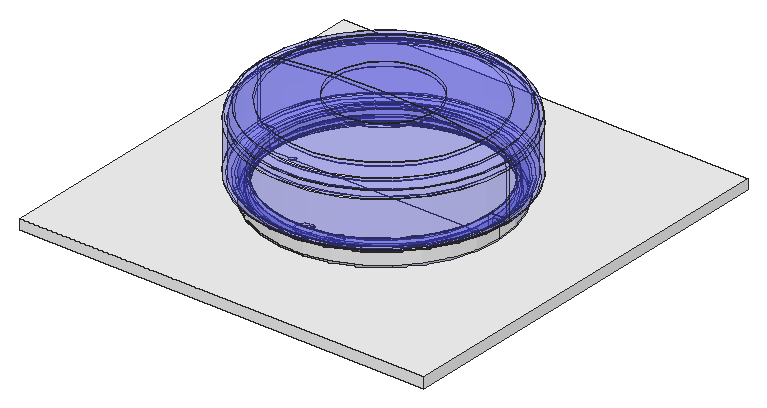
Revit family "BE_50039P_de_DE", category Leuchten, Revit 2020
Family settings
  Basisbauteil = Fläche
  Bemaßung runder Anschluss = Durchmesser verwenden
  Teiletyp = Normal
  Beim Laden mit Abzugskörper schneiden = Ja
  Lichtquelle = Ja
  Gemeinsam genutzt = Nein
  Raumberechnungspunkt = Ja
Parameters (values of type "BEGA_50039P_K3")
  built-in parameter 1150104 = 11.557 (stored number, unit not read)
  Wattage = 8.4 W
  Default Elevation = 0 mm
  built-in parameter 1150113 = 1 (stored number, unit not read)
  built-in parameter 1114218 = 1 (stored number, unit not read)
  Umgebungstemperatur = "25 °C"
  URL = "https://www.bega.com/de/produkt/50039P"
  Typenkommentare = "© 2022 BEGA. Wir behalten uns das Recht vor, technische Änderungen ohne vorherige Ankündigung vorzunehmen."  # constant formula
  built-in parameter 1150134 = (empty or 0)
  built-in parameter 1150109 = 1 (stored number, unit not read)
  Strom = ""
  built-in parameter 1150110 = 1 (stored number, unit not read)
  Spannung = 230 V
  Sonderanfertigung = no
  Seriennummer [instance] = "Hier können Sie die eindeutige Seriennummer für das Facility Management eintragen."
  Schutzklasse = "I"
  Schutzart = "IP 20"
  Scheinlast = 0 VA
  Produktdatenblatt = "http://www.bega.de/download/Xrfa/db/50039P.db.de.pdf"
  Oberflächentemperatur = ""
  Neigungswinkel = 0.00°
  Model = "50039PK2"
  Material_17 = BEGA_Reflektor
  Material_15 = BEGA_Leuchtmedium_matt
  Material_14 = BEGA_Kunststoff_opal
  Material_11 = BEGA_Glas_opal
  Material_09 = BEGA_Glas_klar
  Material_06 = BEGA_Oberfläche_Edelstahl_gebürstet
  Material_03 = BEGA_Oberfläche_Weiss_matt
  Material_02 = BEGA_Oberfläche_Silber_matt
  Material_01 [instance] = BEGA_Oberfläche_Grafit_matt
  M_W = no
  M_G = no
  M_A = no
  Logo = 0
  built-in parameter 1114217 = 1 (stored number, unit not read)
  built-in parameter 1150139 = (empty or 0)
  built-in parameter 1150105 = 246.97 (stored number, unit not read)
  built-in parameter 1150114 = 1 (stored number, unit not read)
  Lumens = 1044.96 lm
  built-in parameter 1150115 = 1 (stored number, unit not read)
  Leuchtenlichtstrom = "853 lm"
  Leuchtenanzahl = ""
  Lebensdauerkriterien = "L70B50 @ 25 °C = 206000 h"
  Lastklassifizierung = Beleuchtung
  built-in parameter 1150112 = 1 (stored number, unit not read)
  Lampenlichtstrom = "1045 lm"
  Lampe = "LED 8.4 W"
  LED_Modulbezeichnung = "LED-0508/927"
  Hersteller = "BEGA"  # constant formula
  Halbstreuwinkel = ""
  Gewicht = ""
  Gebrauchslageneinschränkung [instance] = ""
  Frequenz = "50 Hz"
  Farbwiedergabeindex = "CRI > 90"
  Farbtemperaturverschiebung bei Dämpfen der Lampe = <Keine Auswahl>
  Farbtemperatur = "2700 K"
  Color Filter = 16777215
  built-in parameter 1150133 = 10 (stored number, unit not read)
  Energieeffizienzklasse = "LED A++ - A"
  built-in parameter 1150137 = (empty or 0)
  built-in parameter 1150132 = (empty or 0)
  ENEC = ""
  Dimmbar [instance] = ""
  Photometric Web File = "BE_50039PK2.IES"
  CE_Konformität = "ja"
  Bestellnummer = "50039PK2"
  Beschreibung_Sonderanfertigung = "Hier können Sie Informationen zur Sonderanfertigung eintragen."
  Beschreibung = "Decken- und Wandleuchte"
  built-in parameter 1150106 = 2.4697 (stored number, unit not read)
  Befestigungsbohrung = "Ø 5,5 mm"
  Befestigungsabstand = "180 mm"
  Ballwurfsicher = ""
  BEGA_Intern_aus = yes
  BEGA_Intern_an = yes
  BEGA_Intern_Konstruktion = yes
  BEGA_Intern = yes
  BEGA_IES = yes
  BEGA_Dummy = no
  Anschlussleitung = ""
  Anschlussleistung [instance] = "11.5 W"
  Anschlusskasten = ""
  built-in parameter 1150107 = 2700 (stored number, unit not read)
  built-in parameter 1150102 = (empty or 0)
  built-in parameter 1150138 = (empty or 0)
  Aktualisierung = "2020-05-11T04:00:10"
  Abstand_zur_angestrahlten_Fläche [instance] = ""
  AC/DC = "AC"
Types (3, lengths in mm): name | built-in parameter 1150104 | built-in parameter 1150134 | Model | built-in parameter 1150105 | Lumens | Leuchtenlichtstrom | Lampenlichtstrom | LED_Modulbezeichnung | Farbtemperatur | Photometric Web File | Bestellnummer | built-in parameter 1150106 | built-in parameter 1150107
  BEGA_50039P_K3 | 11.669 (stored number, unit not read) | (empty or 0) | "50039PK3" | 249.44 (stored number, unit not read) | 1055.04 lm | "862 lm" | "2215 lm" | "LED-0508/930" | "3000 K" | "BE_50039PK3.IES" | "50039PK3" | 2.4944 (stored number, unit not read) | 3000 (stored number, unit not read)
  BEGA_50039P_K4 | 12.105 (stored number, unit not read) | 12 | "50039PK4" | 87.099 (stored number, unit not read) | 1094.52 lm | "894 lm" | "1095 lm" | "LED-0508/940" | "4000 K" | "BE_50039PK4.IES" | "50039PK4" | 0.87099 (stored number, unit not read) | 4000 (stored number, unit not read)
  BEGA_50039P_K27 | 12.105 (stored number, unit not read) | 12 | "50039PK27" | 87.099 (stored number, unit not read) | 1094.52 lm | "853 lm" | "1045 lm" | "LED-0508/927" | "2700 K" | "BE_50039PK27.IES" | "50039PK27" | 0.87099 (stored number, unit not read) | 4000 (stored number, unit not read)
Reference planes
  plane 1 "Mitte (Vorne/Hinten)": y = 0
  plane 2: z = 0
  plane 3 "Mitte (Links/Rechts)": x = 0
  plane 4 "Links": x = -125
  plane 5 "Rechts": x = 125
  plane 6 "Unten": y = -125
  plane 7 "Oben": y = 125
  plane 8 "Vorne": z = 94.4
  plane 9 "Hinten": z = 0
Forms (mm)
  Extrusion 1, solid, material "BEGA_Platte_Weiss"
    sketch origin (0, -1119.2, 0) x (1, 0, 0) y (0, 1, 0)
      loop
        line (-200, 1319.2) -> (-200, 919.2) -> (200, 919.2) -> (200, 1319.2) -> (-200, 1319.2)
    from 0 to -10
  Extrusion 2, solid, material "BEGA_Dummy_matt", visible <- "BEGA_Dummy"
    sketch origin (77.149, -76.023, 0) x (1, 0, 0) y (0, 1, 0)
      loop
        circle (-77.149, 76.023) r 125
    from 0 to 94.4
Dimensions and locks
  plane 1 "Mitte (Vorne/Hinten)" to Extrusion 1 = 200 mm
  aligned and locked: plane 2 to Extrusion 1
  aligned and locked: level to Extrusion 1
Nested families
  nested 1: "BE_50039P" at (0, 0, 0) x (0, -1, 0) z (0, 0, 1), type "BE_50039P"
Connectors
  electrical at (0, 0, 0), driven by "Lastklassifizierung", driven by "Spannung", driven by "Scheinlast"
    settings: index 1, voltage 230 V, apparent load 0 VA, apparent load phase1 0 VA, apparent load phase2 0 VA, apparent load phase3 0 VA, power factor 1, load classification "Beleuchtung", number of poles 1, system type 31, power factor state 1, is connector primary yes, connector utility no, sub classification motor no, connector description ""
Definition of nested family "BE_50039P"
  Parameters (values of type "BE_50039P")
    Default Elevation = 1 mm
    URL = "http://www.bega.de/de/produkt"
    Type Comments = "© 2015 BEGA. Wir behalten uns das Recht vor, technische Änderungen ohne vorherige Ankündigung vorzunehmen. "  # constant formula
    Type Image = (empty or 0)
    Neigungswinkel_um_Z2 = 0.00°
    Neigungswinkel_um_Z1 = 0.00°
    Neigungswinkel_um_Y2 = 0.00°
    Neigungswinkel_um_Y1 = 0.00°
    Neigungswinkel_um_X2 = 0.00°
    Neigungswinkel_um_X1 = 0.00°
    Material_17 = none
    Material_15 = none
    Material_14 = none
    Material_11 = none
    Material_09 = none
    Material_06 = none
    Material_05 = none
    Material_03 = none
    Material_02 = none
    Material_01 = none
    M_W = yes
    M_G = yes
    M_A = yes
    Länge_Platte = 400 mm  # constant formula
    Höhe_Platte = -10 mm  # constant formula
    Manufacturer = "BEGA"  # constant formula
    Drehwinkel_um_Z2 = 0.00°
    Drehwinkel_um_Z1 = 0.00°
    Breite_Platte = 400 mm  # constant formula
  Reference planes
    plane 1 "Mitte (Oben/Unten)": y = 0
    plane 2: z = 0
    plane 3 "Mitte (Links/Rechts)": x = 0
    plane 4: y = 125
    plane 5: y = -125
    plane 6: z = 94.4
    plane 7: x = -125
    plane 8: x = 125
  Forms (mm)
    Extrusion 1, solid, detail levels medium
      sketch origin (0, 0, 0) x (1, 0, 0) y (0, 1, 0)
        loop
          line (-200, 200) -> (-200, -200) -> (200, -200) -> (200, 200) -> (-200, 200)
      from 0 to -10 <- "Höhe_Platte"
    Revolve 2, solid, material <- "Material_03", detail levels medium+fine
      sketch origin (0, 0, 0) x (0, 1, 0) y (0, 0, 1)
        loop
          line (117.5, 19.8) -> (117.5, 20.8) -> (115.331, 20.8)
          arc (115.331, 20.8) -> (114.063, 20.284) -> (113.524, 19.025) r 1.8
          line (113.524, 19.025) -> (113.276, 4.767)
          arc (113.276, 4.767) -> (112.825, 3.728) -> (111.776, 3.3) r 1.5
          line (111.776, 3.3) -> (0, 3.3) -> (0, 2.3) -> (111.776, 2.3)
          arc (111.776, 2.3) -> (113.525, 3.014) -> (114.275, 4.748) r 2.5
          line (114.275, 4.748) -> (114.524, 19.01)
          arc (114.524, 19.01) -> (114.764, 19.571) -> (115.329, 19.8) r 0.8
          line (115.329, 19.8) -> (117.5, 19.8)
        axis (0, 2.3) -> (0, 20.8)
      angle from 0 to 360
    Revolve 3, solid, material <- "Material_03", detail levels medium+fine
      sketch origin (0, 0, 0) x (0, 1, 0) y (0, 0, 1)
        loop
          arc (99.13, 1.943) -> (99.474, 2.206) -> (99.896, 2.3) r 1
          line (99.896, 2.3) -> (100.896, 3.3) -> (92.75, 3.3) -> (92.75, 0) -> (96.108, 0)
          arc (96.108, 0) -> (97.369, 0.281) -> (98.395, 1.067) r 3
          line (98.395, 1.067) -> (99.13, 1.943)
        axis (90, 3.3) -> (90, 0)
      angle from 0 to 360
    Revolve 4, solid, material <- "Material_03", detail levels medium+fine
      sketch origin (0, 0, 0) x (0, -1, 0) y (0, 0, 1)
        loop
          arc (99.13, 1.943) -> (99.474, 2.206) -> (99.896, 2.3) r 1
          line (99.896, 2.3) -> (100.896, 3.3) -> (92.75, 3.3) -> (92.75, 0) -> (96.108, 0)
          arc (96.108, 0) -> (97.369, 0.281) -> (98.395, 1.067) r 3
          line (98.395, 1.067) -> (99.13, 1.943)
        axis (90, 3.3) -> (90, 0)
      angle from 0 to 360
    Extrusion 5, void
      sketch origin (0, 0, 0) x (1, 0, 0) y (0, 1, 0)
        loop
          circle (80, 15) r 8.5
        loop
          circle (80, -15) r 8.5
        loop
          circle (0, 90) r 2.75
        loop
          circle (0, -90) r 2.75
      from 1.096 to 7.205
    Revolve 6, solid, material <- "Material_14", detail levels medium+fine
      sketch origin (0, 0, 0) x (0, 1, 0) y (0, 0, 1)
        loop
          line (107.5, 12.214) -> (107.5, 20.4) -> (122.157, 21.168)
          arc (122.157, 21.168) -> (124.176, 22.099) -> (125, 24.164) r 3
          line (125, 24.164) -> (125, 69.391)
          arc (125, 69.391) -> (124.681, 72.948) -> (123.735, 76.391) r 20
          arc (123.735, 76.391) -> (121.144, 80.63) -> (117.158, 83.582) r 13
          arc (117.158, 83.582) -> (109.272, 86.676) -> (101.03, 88.629) r 60
          arc (101.03, 88.629) -> (75.117, 91.988) -> (49.04, 93.648) r 400
          arc (49.04, 93.648) -> (24.523, 94.212) -> (0, 94.4) r 1600.011
          line (0, 94.4) -> (0, 90.6)
          arc (0, 90.6) -> (24.398, 90.414) -> (48.79, 89.854) r 1596.211
          arc (48.79, 89.854) -> (74.692, 88.212) -> (100.431, 84.877) r 396.2
          arc (100.431, 84.877) -> (108.139, 83.049) -> (115.512, 80.156) r 56.2
          arc (115.512, 80.156) -> (118.33, 78.076) -> (120.166, 75.094) r 9.2
          arc (120.166, 75.094) -> (120.94, 72.293) -> (121.2, 69.4) r 16.2
          line (121.2, 69.4) -> (121.2, 24.923) -> (106.543, 24.155)
          arc (106.543, 24.155) -> (104.524, 23.224) -> (103.7, 21.159) r 3
          line (103.7, 21.159) -> (103.7, 16.4) -> (103.7, 11.174)
          arc (103.7, 11.174) -> (104.099, 9.678) -> (105.19, 8.579) r 3.003
          line (105.19, 8.579) -> (106.963, 7.556)
          arc (106.963, 7.556) -> (108.068, 6.43) -> (108.449, 4.9) r 3.003
          line (108.449, 4.9) -> (112.25, 4.9) -> (112.25, 8.894) -> (107.997, 11.349)
          arc (107.997, 11.349) -> (107.633, 11.715) -> (107.5, 12.214) r 1.001
        axis (0, 94.4) -> (0, 4.9)
      angle from 0 to 360
  Cuts and joins
    Extrusion 5 cuts Revolve 2
    Extrusion 5 cuts Revolve 3
    Extrusion 5 cuts Revolve 4
    joined: Revolve 2, Revolve 3, Revolve 4
  Dimensions and locks
    equal spacing: Extrusion 1 sketch curve, plane 3 "Mitte (Links/Rechts)", Extrusion 1 sketch curve
    equal spacing: Extrusion 1 sketch curve, plane 1 "Mitte (Oben/Unten)", Extrusion 1 sketch curve
    "Länge_Platte": Extrusion 1 sketch curve to Extrusion 1 sketch curve
    "Breite_Platte": Extrusion 1 sketch curve to Extrusion 1 sketch curve
    aligned and locked: plane 2 to Extrusion 1
    aligned and locked: level to Extrusion 1
  Automatic sketch dimensions
    Revolve 2 sketch curve to Revolve 2 sketch curve = 0 mm  (x11)
    Revolve 2 sketch curve to plane 1 "Mitte (Oben/Unten)" = 0 mm  (x2)
    Revolve 2 sketch curve to Revolve 2 sketch curve = 1.5 mm
    Revolve 2 sketch curve to Revolve 2 sketch curve = 1 mm  (x3)
    Revolve 2 sketch curve to Revolve 2 sketch curve = 0.8 mm
    Revolve 2 sketch curve to Revolve 2 sketch curve = 0.004 mm
    Revolve 2 sketch curve to Revolve 2 sketch curve = 0.002 mm
    Revolve 2 sketch curve to Revolve 2 sketch curve = 2.169 mm
    level to Revolve 2 sketch curve = 2.3 mm
    Revolve 2 sketch curve to Revolve 2 sketch curve = 1.448 mm
    Revolve 2 sketch curve to Revolve 2 sketch curve = 0.02 mm
    Revolve 2 sketch curve to Revolve 2 sketch curve = 0.033 mm
    Revolve 2 sketch curve to Revolve 2 sketch curve = 14.252 mm
    Revolve 2 sketch curve to Revolve 2 sketch curve = 0.01 mm
    Revolve 2 sketch curve to Revolve 2 sketch curve = 0.015 mm
    Revolve 2 sketch curve to Revolve 2 sketch curve = 4 mm
    Revolve 3 sketch curve to level = 0 mm
    level to Revolve 3 sketch curve = 3.3 mm
    Revolve 3 sketch curve to Revolve 3 sketch curve = 3.351 mm
    Revolve 3 sketch curve to Revolve 3 sketch curve = 0.007 mm
    level to Revolve 3 sketch curve = 1.067 mm
    Revolve 3 sketch curve to Revolve 3 sketch curve = 2.287 mm
    level to Revolve 3 sketch curve = 2.3 mm
    Revolve 3 sketch curve to Revolve 3 sketch curve = 1.501 mm
    Revolve 3 sketch curve to Revolve 3 sketch curve = 0 mm  (x2)
    Revolve 3 sketch curve to Revolve 3 sketch curve = 1 mm  (x2)
    Revolve 3 sketch curve to Revolve 3 sketch curve = 2.75 mm
    level to Revolve 3 sketch curve = 1.943 mm
    Revolve 3 sketch curve to Revolve 3 sketch curve = 0.766 mm
    Revolve 3 sketch curve to level = 2.001 mm
    Revolve 3 sketch curve to Revolve 3 sketch curve = 2 mm
    Revolve 4 sketch curve to level = 0 mm
    Revolve 4 sketch curve to level = 3.3 mm
    Revolve 4 sketch curve to Revolve 4 sketch curve = 3.351 mm
    Revolve 4 sketch curve to Revolve 4 sketch curve = 0.007 mm
    Revolve 4 sketch curve to level = 1.067 mm
    Revolve 4 sketch curve to Revolve 4 sketch curve = 2.287 mm
    Revolve 4 sketch curve to level = 2.3 mm
    Revolve 4 sketch curve to Revolve 4 sketch curve = 1.501 mm
    Revolve 4 sketch curve to Revolve 4 sketch curve = 0 mm  (x2)
    Revolve 4 sketch curve to Revolve 4 sketch curve = 1 mm  (x2)
    Revolve 4 sketch curve to Revolve 4 sketch curve = 2.75 mm
    Revolve 4 sketch curve to level = 1.943 mm
    Revolve 4 sketch curve to Revolve 4 sketch curve = 0.766 mm
    level to Revolve 4 sketch curve = 2.001 mm
    Revolve 4 sketch curve to Revolve 4 sketch curve = 2 mm
    Revolve 6 sketch curve to Revolve 6 sketch curve = 1.49 mm
    Revolve 6 sketch curve to Revolve 6 sketch curve = 0.257 mm
    Revolve 6 sketch curve to Revolve 6 sketch curve = 1.513 mm
    level to Revolve 6 sketch curve = 7.556 mm
    Revolve 6 sketch curve to Revolve 6 sketch curve = 1.773 mm
    Revolve 6 sketch curve to Revolve 6 sketch curve = 3.8 mm  (x2)
    Revolve 6 sketch curve to Revolve 6 sketch curve = 0.497 mm
    Revolve 6 sketch curve to Revolve 6 sketch curve = 3.002 mm
    Revolve 6 sketch curve to Revolve 6 sketch curve = 0.504 mm
    Revolve 6 sketch curve to Revolve 6 sketch curve = 3.801 mm
    Revolve 6 sketch curve to Revolve 6 sketch curve = 2.592 mm
    Revolve 6 sketch curve to Revolve 6 sketch curve = 1.024 mm
    Revolve 6 sketch curve to Revolve 6 sketch curve = 3.994 mm
    Revolve 6 sketch curve to Revolve 6 sketch curve = 2.594 mm
    Revolve 6 sketch curve to Revolve 6 sketch curve = 0.176 mm
    Revolve 6 sketch curve to Revolve 6 sketch curve = 0.865 mm
    Revolve 6 sketch curve to Revolve 6 sketch curve = 4.186 mm
    Revolve 6 sketch curve to Revolve 6 sketch curve = 0 mm  (x24)
    Revolve 6 sketch curve to Revolve 6 sketch curve = 4.759 mm
    level to Revolve 6 sketch curve = 40.4 mm
    Revolve 2 sketch curve to plane 1 "Mitte (Oben/Unten)" = 111.776 mm
    Revolve 2 sketch curve to Revolve 2 sketch curve = 0.249 mm
    Revolve 3 sketch curve to plane 1 "Mitte (Oben/Unten)" = 92.75 mm
    Revolve 4 sketch curve to plane 1 "Mitte (Oben/Unten)" = 92.75 mm
    Extrusion 5 sketch curve to plane 3 "Mitte (Links/Rechts)" = 0 mm  (x2)
    plane 1 "Mitte (Oben/Unten)" to Extrusion 5 sketch curve = 15 mm
    Extrusion 5 sketch curve to plane 1 "Mitte (Oben/Unten)" = 15 mm
    Extrusion 5 sketch curve to Extrusion 5 sketch curve = 0 mm
    Revolve 6 sketch curve to Revolve 6 sketch curve = 0.157 mm  (x2)
    Revolve 6 sketch curve to Revolve 6 sketch curve = 16.2 mm
    Revolve 6 sketch curve to Revolve 6 sketch curve = 6.557 mm
    Revolve 6 sketch curve to Revolve 6 sketch curve = 0.009 mm  (x3)
    Revolve 6 sketch curve to Revolve 6 sketch curve = 2.45 mm
    Revolve 6 sketch curve to Revolve 6 sketch curve = 3.955 mm
    Revolve 6 sketch curve to Revolve 6 sketch curve = 1.645 mm
    Revolve 6 sketch curve to Revolve 6 sketch curve = 1.034 mm
    Revolve 6 sketch curve to Revolve 6 sketch curve = 45.227 mm
    Revolve 6 sketch curve to Revolve 6 sketch curve = 12.348 mm
    Revolve 6 sketch curve to Revolve 6 sketch curve = 8.256 mm
    Revolve 6 sketch curve to Revolve 6 sketch curve = 15.081 mm
    Revolve 6 sketch curve to plane 1 "Mitte (Oben/Unten)" = 36.68 mm
    Revolve 6 sketch curve to level = 306.161 mm
    plane 1 "Mitte (Oben/Unten)" to Revolve 6 sketch curve = 0 mm  (x2)
    Revolve 6 sketch curve to Revolve 6 sketch curve = 1199.45 mm
    Revolve 6 sketch curve to plane 1 "Mitte (Oben/Unten)" = 0 mm  (x2)
    Revolve 6 sketch curve to Revolve 6 sketch curve = 33.648 mm
    Revolve 6 sketch curve to Revolve 6 sketch curve = 20 mm
    Revolve 6 sketch curve to Revolve 6 sketch curve = 0.8 mm  (x2)
    Revolve 6 sketch curve to Revolve 6 sketch curve = 0.759 mm  (x2)
    Extrusion 5 sketch curve to plane 1 "Mitte (Oben/Unten)" = 90 mm
    Revolve 6 sketch curve to plane 1 "Mitte (Oben/Unten)" = 91.352 mm
    Revolve 6 sketch curve to Revolve 6 sketch curve = 13.648 mm
    Revolve 6 sketch curve to Revolve 6 sketch curve = 0.25 mm
    plane 1 "Mitte (Oben/Unten)" to Extrusion 5 sketch curve = 90 mm
    Revolve 6 sketch curve to Revolve 6 sketch curve = 3.764 mm
    Revolve 6 sketch curve to Revolve 6 sketch curve = 50.2 mm
    Revolve 6 sketch curve to plane 1 "Mitte (Oben/Unten)" = 48.79 mm
    Revolve 6 sketch curve to Revolve 6 sketch curve = 0.599 mm
    Revolve 6 sketch curve to Revolve 6 sketch curve = 0.2 mm
    plane 3 "Mitte (Links/Rechts)" to Extrusion 5 sketch curve = 80 mm
    radius of Extrusion 5 sketch curve = 8.5 mm  (x2)
    radius of Extrusion 5 sketch curve = 2.75 mm  (x2)
